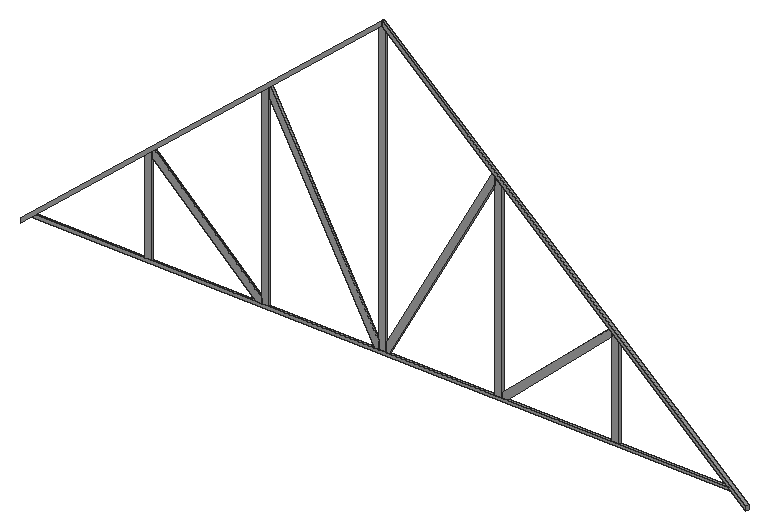
Revit family "DoubleHoweTruss", category Structural Framing, Revit 2021
Family settings
  Section Shape = Not Defined
  Material for Model Behavior = Wood
  Always export as geometry = No
  OmniClass Number = 23.25.30.21.14
  OmniClass Title = Trussed Beams and Joists
  Work Plane-Based = No
  Always vertical = Yes
  Cut with Voids When Loaded = No
  Symbolic Representation = From Family
  Shared = No
  Show family pre-cut in plan views = Yes
Parameters
  WebWidth [instance] = 50 mm
  WebDepth [instance] = 200 mm
  T_Volume [instance] = 0.00 m³
  TopWidth [instance] = 80 mm
  Structural Material [instance] = Poche
  SpanRight [instance] = 10000 mm
  SpanLeft [instance] = 10000 mm
  Span [instance] = SpanLeft + SpanRight  # 20000 mm
  SlopeRight [instance] = 40.00°
  SlopeLeft [instance] = 40.00°
  OverhangRight [instance] = 300 mm
  OverhangLeft [instance] = 400 mm
  TopDepth [instance] = 100 mm
  BottomWidth [instance] = 50 mm
  BottomDepth [instance] = 100 mm
Reference planes
  plane 1 "Center (Front/Back)": y = 0
  plane 2: z = 0
  plane 3 "Center (Left/Right)": x = 0
  plane 4: x = -10000
  plane 5: x = 10000
  plane 6: x = 10400
  plane 7: x = -10300
  plane 8: z = 100
  plane 9: x = 3333.333
  plane 10: x = 6666.667
  plane 11: x = -3333.333
  plane 12: x = -6666.667
  plane 13: x = -6766.667
  plane 14: x = -6566.667
  plane 15: x = -3433.333
  plane 16: x = -3233.333
  plane 17: x = -100
  plane 18: x = 100
  plane 19: x = 3233.333
  plane 20: x = 3433.333
  plane 21: x = 6566.667
  plane 22: x = 6766.667
Forms (mm)
  Extrusion 1, solid, material "Cherry"
    sketch origin (0, 0, 0) x (1, 0, 0) y (0, 0, 1)
      loop
        line (-6766.667, 2713.089) -> (-6766.667, 100) -> (-6566.667, 100) -> (-6566.667, 2880.909) -> (-6766.667, 2713.089)
    from -25 to 25
  Extrusion 2, solid, material "Cherry"
    sketch origin (0, 0, 0) x (1, 0, 0) y (0, 0, 1)
      loop
        line (-3233.333, 5677.908) -> (-3433.333, 5510.088) -> (-3433.333, 100) -> (-3233.333, 100) -> (-3233.333, 5677.908)
    from -25 to 25
  Extrusion 3, solid, material "Cherry"
    sketch origin (0, 0, 0) x (1, 0, 0) y (0, 0, 1)
      loop
        line (100, 8307.086) -> (0, 8390.996) -> (-100, 8307.086) -> (-100, 100) -> (100, 100) -> (100, 8307.086)
    from -25 to 25
  Extrusion 4, solid, material "Cherry"
    sketch origin (0, 0, 0) x (1, 0, 0) y (0, 0, 1)
      loop
        line (3433.333, 5510.088) -> (3233.333, 5677.908) -> (3233.333, 100) -> (3433.333, 100) -> (3433.333, 5510.088)
    from -25 to 25
  Extrusion 5, solid, material "Cherry"
    sketch origin (0, 0, 0) x (1, 0, 0) y (0, 0, 1)
      loop
        line (6766.667, 2713.089) -> (6566.667, 2880.909) -> (6566.667, 100) -> (6766.667, 100) -> (6766.667, 2713.089)
    from -25 to 25
  Extrusion 6, solid, material "Cherry"
    sketch origin (0, 0, 0) x (1, 0, 0) y (0, 0, 1)
      loop
        line (-3583.983, 100) -> (-3433.333, 100) -> (-3433.333, 233.705) -> (-6489.229, 2945.886) -> (-6566.667, 2880.909) -> (-6566.667, 2747.204) -> (-3583.983, 100)
    from -25 to 25
  Extrusion 7, solid, material "Cherry"
    sketch origin (0, 0, 0) x (1, 0, 0) y (0, 0, 1)
      loop
        line (-100, 304.183) -> (-3155.38, 5743.318) -> (-3233.333, 5677.908) -> (-3233.333, 5473.725) -> (-214.698, 100) -> (-100, 100) -> (-100, 304.183)
    from -25 to 25
  Extrusion 8, solid, material "Cherry"
    sketch origin (0, 0, 0) x (1, 0, 0) y (0, 0, 1)
      loop
        line (214.698, 100) -> (3233.333, 5473.725) -> (3233.333, 5677.908) -> (3155.38, 5743.318) -> (100, 304.183) -> (100, 100) -> (214.698, 100)
    from -25 to 25
  Extrusion 9, solid, material "Cherry"
    sketch origin (0, 0, 0) x (1, 0, 0) y (0, 0, 1)
      loop
        line (3583.983, 100) -> (6566.667, 2747.204) -> (6566.667, 2880.909) -> (6489.229, 2945.886) -> (3433.333, 233.705) -> (3433.333, 100) -> (3583.983, 100)
    from -25 to 25
  Extrusion 10, solid, material "Cherry"
    sketch origin (0, 0, 0) x (1, 0, 0) y (0, 0, 1)
      loop
        line (10400, -335.64) -> (10400, -205.099) -> (0, 8521.537) -> (0, 8390.996) -> (10400, -335.64)
    from -40 to 40
  Extrusion 11, solid, material "Cherry"
    sketch origin (0, 0, 0) x (1, 0, 0) y (0, 0, 1)
      loop
        line (-10300, -121.189) -> (-10300, -251.73) -> (0, 8390.996) -> (0, 8521.537) -> (-10300, -121.189)
    from -40 to 40
  Extrusion 12, solid, material "Cherry"
    sketch origin (0, 0, 0) x (1, 0, 0) y (0, 0, 1)
      loop
        line (-10000, 0) -> (10000, 0) -> (9880.825, 100) -> (-9880.825, 100) -> (-10000, 0)
    from -25 to 25
Lines and regions (mm)
  reference lines
    curve 1: line (10000, 0, 0) -> (0, 0, 8390.996)
    curve 2: line (-10000, 0, 0) -> (0, 0, 8390.996)
    curve 3: line (10001.738, 0, 129.083) -> (-8.024, 0, 8528.27)
    curve 4: line (-9999.444, 0, 131.007) -> (-134.65, 0, 8408.552)
    curve 5: line (0, 40, 1939.254) -> (0, 40, -520.746)
    curve 6: line (0, -40, 1939.254) -> (0, -40, -520.746)
    curve 7: line (0, -25, 1939.254) -> (0, -25, -520.746)
    curve 8: line (0, -25, 1939.254) -> (0, -25, -520.746)
    curve 9: line (0, 25, 1939.254) -> (0, 25, -520.746)
    curve 10: line (0, 25, 1939.254) -> (0, 25, -520.746)
    curve 11: line (100, 0, 100) -> (3233.333, 0, 5677.908)
    curve 12: line (3433.333, 0, 100) -> (6566.667, 0, 2880.909)
    curve 13: line (-100, 0, 100) -> (-3233.333, 0, 5677.908)
    curve 14: line (-3433.333, 0, 100) -> (-6566.667, 0, 2880.909)
    curve 15: line (-3366.954, 0, 174.792) -> (-6500.287, 0, 2955.7)
    curve 16: line (-3499.713, 0, 25.208) -> (-6633.046, 0, 2806.117)
    curve 17: line (-12.814, 0, 148.976) -> (-3146.147, 0, 5726.883)
    curve 18: line (-187.186, 0, 51.024) -> (-3320.519, 0, 5628.932)
    curve 19: line (12.814, 0, 148.976) -> (3146.147, 0, 5726.883)
    curve 20: line (187.186, 0, 51.024) -> (3320.519, 0, 5628.932)
    curve 21: line (3366.954, 0, 174.792) -> (6500.287, 0, 2955.7)
    curve 22: line (3499.713, 0, 25.208) -> (6633.046, 0, 2806.117)
Dimensions and locks
  "SpanLeft": plane 3 "Center (Left/Right)" to plane 5
  "SpanRight": plane 3 "Center (Left/Right)" to plane 4
  "OverhangLeft": plane 5 to plane 6
  "OverhangRight": plane 7 to plane 4
  "BottomDepth": level to plane 8
  "TopDepth": curve 1 to curve 3
  "TopDepth": curve 4 to curve 2
  equal spacing: curve 5, curve 4, curve 6
  "TopWidth": curve 5 to curve 6
  equal spacing: curve 9, curve 4, curve 7
  "WebWidth": curve 9 to curve 7
  equal spacing: curve 10, curve 4, curve 8
  "BottomWidth": curve 10 to curve 8
  equal spacing: plane 4, plane 12, plane 11, plane 3 "Center (Left/Right)"
  equal spacing: plane 5, plane 10, plane 9, plane 3 "Center (Left/Right)"
  equal spacing: plane 14, plane 12, plane 13
  equal spacing: plane 16, plane 11, plane 15
  equal spacing: plane 18, plane 3 "Center (Left/Right)", plane 17
  equal spacing: plane 20, plane 9, plane 19
  equal spacing: plane 22, plane 10, plane 21
  "WebDepth": plane 14 to plane 13
  "WebDepth": plane 16 to plane 15
  "WebDepth": plane 18 to plane 17
  "WebDepth": plane 20 to plane 19
  "WebDepth": plane 22 to plane 21
  equal spacing: curve 15, curve 14, curve 16
  "WebDepth": curve 15 to curve 16
  equal spacing: curve 17, curve 13, curve 18
  "WebDepth": curve 17 to curve 18
  equal spacing: curve 20, curve 11, curve 19
  "WebDepth": curve 20 to curve 19
  equal spacing: curve 22, curve 12, curve 21
  "WebDepth": curve 22 to curve 21
  "SlopeLeft": angle level to curve 1
  "SlopeRight": angle curve 2 to level
  aligned and locked: plane 2 to level
  aligned and locked: plane 3 "Center (Left/Right)" to curve 1
  aligned and locked: plane 5 to curve 1
  aligned and locked: curve 1 to level
  aligned and locked: level to curve 2
  aligned and locked: Extrusion 1 sketch curve to plane 13
  aligned and locked: plane 14 to Extrusion 1 sketch curve
  aligned and locked: Extrusion 1 sketch curve to plane 8
  aligned and locked: curve 2 to Extrusion 1 sketch curve
  aligned and locked: plane 16 to Extrusion 2 sketch curve
  aligned and locked: Extrusion 2 sketch curve to plane 15
  aligned and locked: Extrusion 2 sketch curve to plane 8
  aligned and locked: curve 2 to Extrusion 2 sketch curve
  aligned and locked: plane 18 to Extrusion 3 sketch curve
  aligned and locked: Extrusion 3 sketch curve to plane 17
  aligned and locked: Extrusion 3 sketch curve to plane 8
  aligned and locked: curve 1 to Extrusion 3 sketch curve
  aligned and locked: curve 2 to Extrusion 3 sketch curve
  aligned and locked: plane 20 to Extrusion 4 sketch curve
  aligned and locked: Extrusion 4 sketch curve to plane 19
  aligned and locked: Extrusion 4 sketch curve to plane 8
  aligned and locked: curve 1 to Extrusion 4 sketch curve
  aligned and locked: plane 22 to Extrusion 5 sketch curve
  aligned and locked: Extrusion 5 sketch curve to plane 21
  aligned and locked: Extrusion 5 sketch curve to plane 8
  aligned and locked: curve 1 to Extrusion 5 sketch curve
  aligned and locked: curve 16 to Extrusion 6 sketch curve
  aligned and locked: curve 15 to Extrusion 6 sketch curve
  aligned and locked: curve 2 to Extrusion 6 sketch curve
  aligned and locked: Extrusion 1 to Extrusion 6 sketch curve
  aligned and locked: Extrusion 2 to Extrusion 6 sketch curve
  aligned and locked: Extrusion 6 sketch curve to plane 8
  aligned and locked: curve 17 to Extrusion 7 sketch curve
  aligned and locked: curve 18 to Extrusion 7 sketch curve
  aligned and locked: Extrusion 3 to Extrusion 7 sketch curve
  aligned and locked: Extrusion 7 sketch curve to plane 8
  aligned and locked: curve 2 to Extrusion 7 sketch curve
  aligned and locked: Extrusion 2 to Extrusion 7 sketch curve
  aligned and locked: curve 20 to Extrusion 8 sketch curve
  aligned and locked: curve 19 to Extrusion 8 sketch curve
  aligned and locked: Extrusion 8 sketch curve to Extrusion 4
  aligned and locked: Extrusion 8 sketch curve to plane 8
  aligned and locked: Extrusion 8 sketch curve to Extrusion 3
  aligned and locked: curve 1 to Extrusion 8 sketch curve
  aligned and locked: curve 22 to Extrusion 9 sketch curve
  aligned and locked: curve 21 to Extrusion 9 sketch curve
  aligned and locked: curve 1 to Extrusion 9 sketch curve
  aligned and locked: Extrusion 9 sketch curve to plane 8
  aligned and locked: Extrusion 9 sketch curve to Extrusion 4
  aligned and locked: Extrusion 10 sketch curve to curve 1
  aligned and locked: Extrusion 10 sketch curve to curve 3
  aligned and locked: Extrusion 10 sketch curve to plane 3 "Center (Left/Right)"
  aligned and locked: Extrusion 10 sketch curve to plane 6
  aligned and locked: Extrusion 10 to curve 6
  aligned and locked: Extrusion 1 to curve 9
  aligned and locked: Extrusion 1 to curve 7
  aligned and locked: Extrusion 6 to curve 9
  aligned and locked: Extrusion 6 to curve 7
  aligned and locked: Extrusion 2 to Extrusion 1  (x2)
  aligned and locked: Extrusion 7 to Extrusion 1  (x2)
  aligned and locked: Extrusion 3 to Extrusion 2  (x2)
  aligned and locked: Extrusion 8 to Extrusion 1  (x2)
  aligned and locked: Extrusion 11 sketch curve to curve 4
  aligned and locked: Extrusion 11 sketch curve to curve 2
  aligned and locked: plane 7 to Extrusion 11 sketch curve
  aligned and locked: Extrusion 11 sketch curve to plane 3 "Center (Left/Right)"
  aligned and locked: Extrusion 11 to Extrusion 10
  aligned and locked: Extrusion 10 to Extrusion 11
  aligned and locked: Extrusion 12 sketch curve to level
  aligned and locked: Extrusion 12 sketch curve to plane 8
  aligned and locked: Extrusion 10 to Extrusion 12 sketch curve
  aligned and locked: Extrusion 11 to Extrusion 12 sketch curve
  aligned and locked: curve 10 to Extrusion 12
  aligned and locked: Extrusion 12 to curve 8
  aligned and locked: Extrusion 4 to curve 9
  aligned and locked: Extrusion 4 to curve 7
  aligned and locked: Extrusion 9 to curve 9
  aligned and locked: Extrusion 9 to curve 7
  aligned and locked: Extrusion 5 to curve 9
  aligned and locked: Extrusion 5 to curve 7
Automatic sketch dimensions
  Extrusion 9 sketch curve to plane 21 = 0 mm
  plane 14 to curve 14 = 0 mm
  curve 14 to plane 8 = 0 mm
  curve 14 to plane 15 = 0 mm
  plane 16 to curve 13 = 0 mm
  curve 13 to plane 8 = 0 mm
  curve 13 to plane 17 = 0 mm
  curve 11 to plane 8 = 0 mm
  plane 18 to curve 11 = 0 mm
  curve 11 to plane 19 = 0 mm
  curve 12 to plane 8 = 0 mm
  plane 20 to curve 12 = 0 mm
  curve 12 to plane 21 = 0 mm
  curve 4 to plane 4 = 0.556 mm
  curve 16 to plane 12 = 33.621 mm
  curve 15 to plane 14 = 66.379 mm
  level to curve 16 = 25.208 mm
  plane 11 to curve 15 = 33.621 mm
  curve 18 to plane 11 = 12.814 mm
  curve 17 to plane 16 = 87.186 mm
  curve 18 to plane 8 = 48.976 mm
  curve 4 to plane 17 = 34.65 mm
  curve 17 to plane 3 "Center (Left/Right)" = 12.814 mm
  curve 3 to plane 3 "Center (Left/Right)" = 8.024 mm
  plane 3 "Center (Left/Right)" to curve 19 = 12.814 mm
  curve 20 to plane 8 = 48.976 mm
  curve 19 to plane 19 = 87.186 mm
  curve 20 to plane 9 = 12.814 mm
  plane 9 to curve 21 = 33.621 mm
  level to curve 22 = 25.208 mm
  curve 21 to plane 21 = 66.379 mm
  curve 22 to plane 10 = 33.621 mm
  curve 3 to plane 5 = 1.738 mm
  curve 10 to level = 520.746 mm
  curve 5 to curve 10 = 0 mm
  curve 8 to curve 5 = 0 mm
  curve 8 to curve 6 = 0 mm  (x2)
  curve 6 to curve 7 = 0 mm  (x2)
  curve 9 to curve 5 = 0 mm  (x2)
  plane 8 to curve 6 = 1839.254 mm
  curve 6 to curve 9 = 0 mm
  curve 9 to curve 10 = 0 mm
